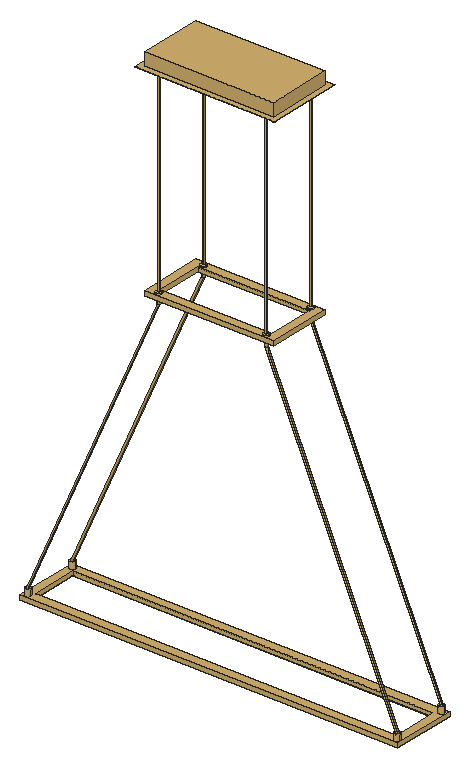
Revit family "3-6054-xx Xani pendant", category Luminarias, Revit 2021
Family settings
  Anfitrión = Techo
  Cota de conector redondo = Diámetro de uso
  Tipo de pieza = Normal
  Número OmniClass = 23.80.70.11
  Título OmniClass = Luminaries for Internal Lighting
  Siempre vertical = Sí
  Corte con vacíos al cargar = No
  Origen de luz = Sí
  Compartido = No
  Punto de cálculo de habitación = No
Parameters (values of type "3-6054-40 / Aged Brass - Matte White Acrylic")
  Comentarios de vataje = "26.64 W at 120 V"  # constant formula
  Wattage = 26.64 W
  built-in parameter 1150110 = 1 (stored number, unit not read)
  Voltage Input = "120 V or 277 V - 50/60 Hz"  # constant formula
  Voltage = 277 V
  URL = ""
  built-in parameter 1114217 = 1 (stored number, unit not read)
  Tilt Angle = 90.00°  # constant formula
  built-in parameter 1150109 = 1 (stored number, unit not read)
  built-in parameter 1150134 = (empty or 0)
  built-in parameter 1150113 = 1 (stored number, unit not read)
  References = "Ref. 3 = 120 V / Ref. 37 = 277 V"  # constant formula
  Archivo de red fotométrica = "3-6054-15 Xanni 35 Pendant.ies"
  Modelo = "3-6054-xxx Xani (Pendant)"  # constant formula
  Metal Finish = 40 - Aged Brass
  Fabricante = "Oxygen Lighting"  # constant formula
  Main Diffuser = Matte White Acrylic
  Lumens = 1539.79 lm
  built-in parameter 1150115 = 1 (stored number, unit not read)
  built-in parameter 1150105 = 122.53 (stored number, unit not read)
  built-in parameter 1150137 = (empty or 0)
  built-in parameter 1150139 = (empty or 0)
  built-in parameter 1150112 = 1 (stored number, unit not read)
  built-in parameter 1150114 = 1 (stored number, unit not read)
  Lámpara = "LED"  # constant formula
  built-in parameter 1150132 = (empty or 0)
  built-in parameter 1150102 = (empty or 0)
  built-in parameter 1150138 = (empty or 0)
  built-in parameter 1150107 = 3000 (stored number, unit not read)
  built-in parameter 1150106 = 1.2253 (stored number, unit not read)
  built-in parameter 1150104 = 5.3698 (stored number, unit not read)
  Dimming Lamp Color Temperature Shift = (empty or 0)
  Default Elevation = 0.00"
  Color Filter = 16777215
  built-in parameter 1114218 = 1 (stored number, unit not read)
  built-in parameter 1150133 = 10 (stored number, unit not read)
Types (3): name | Metal Finish
  (no name) | 40 - Aged Brass
  3-6054-15 / Black - Matte White Acrylic | 15 - Black
  3-6054-40 / Aged Brass - Matte White Acrylic | 40 - Aged Brass
Reference planes (in)
  plane 1 "Light Source Axis (F/B)": y = 0
  plane 2 "Ceiling": z = 96
  plane 3 "Light Source Axis (L/R)": x = 0
  plane 4 "Light Source Elevation": z = 46.53639
  plane 5: z = 46.53639
  plane 6: z = 56.42911
  plane 7: z = 76.21456
  plane 8: z = 86.10728
  plane 9: z = 66.32184
Forms (in)
  Extrusion 1, solid, material "40 - Aged Brass" <- "Metal Finish"
    sketch origin (0, 0, 0) x (1, 0, 0) y (0, 0, 1)
      loop
        line (-5.95456, 96) -> (-5.95456, 94.80909) -> (5.95456, 94.80909) -> (5.95456, 96) -> (-5.95456, 96)
    from -2.98098 to 2.98098
  Extrusion 2, solid, material "40 - Aged Brass" <- "Metal Finish"
    sketch origin (0, 0, 0) x (1, 0, 0) y (0, 0, 1)
      loop
        line (6.45016, 94.7721) -> (6.45016, 94.8091) -> (-6.45756, 94.8091) -> (-6.45756, 94.7721) -> (6.45016, 94.7721)
    from -3.47657 to 3.47658
  Revolve 3, solid, material "40 - Aged Brass" <- "Metal Finish"
    sketch origin (0, 2.57738, 0) x (1, 0, 0) y (0, 0, 1)
      loop
        line (-4.85241, 94.26911) -> (-4.85241, 94.5847)
        arc (-4.85241, 94.5847) -> (-4.77495, 94.68196) -> (-4.66371, 94.73751) r 0.28807
        line (-4.66371, 94.73751) -> (-4.66371, 94.7721) -> (-4.96707, 94.7721) -> (-4.96707, 76.21311) -> (-4.69338, 76.21311) -> (-4.69338, 76.24671)
        arc (-4.69338, 76.24671) -> (-4.7906, 76.29892) -> (-4.8968, 76.32889) r 0.50782
        line (-4.8968, 76.32889) -> (-4.8968, 94.26911) -> (-4.85241, 94.26911)
      axis (-4.96707, 76.21311) -> (-4.96707, 94.7721)
    angle from 0 to 360
  Revolve 4, solid, material "40 - Aged Brass" <- "Metal Finish"
    sketch origin (9.93413, 2.57784, 0) x (1, 0, 0) y (0, 0, 1)
      loop
        line (-4.85241, 94.26911) -> (-4.85241, 94.5847)
        arc (-4.85241, 94.5847) -> (-4.77495, 94.68196) -> (-4.66371, 94.73751) r 0.28807
        line (-4.66371, 94.73751) -> (-4.66371, 94.7721) -> (-4.96707, 94.7721) -> (-4.96707, 76.21311) -> (-4.69338, 76.21311) -> (-4.69338, 76.24671)
        arc (-4.69338, 76.24671) -> (-4.7906, 76.29892) -> (-4.8968, 76.32889) r 0.50782
        line (-4.8968, 76.32889) -> (-4.8968, 94.26911) -> (-4.85241, 94.26911)
      axis (-4.96707, 76.21311) -> (-4.96707, 94.7721)
    angle from 0 to 360
  Revolve 5, solid, material "40 - Aged Brass" <- "Metal Finish"
    sketch origin (9.93413, -2.57785, 0) x (1, 0, 0) y (0, 0, 1)
      loop
        line (-4.85241, 94.26911) -> (-4.85241, 94.5847)
        arc (-4.85241, 94.5847) -> (-4.77495, 94.68196) -> (-4.66371, 94.73751) r 0.28807
        line (-4.66371, 94.73751) -> (-4.66371, 94.7721) -> (-4.96707, 94.7721) -> (-4.96707, 76.21311) -> (-4.69338, 76.21311) -> (-4.69338, 76.24671)
        arc (-4.69338, 76.24671) -> (-4.7906, 76.29892) -> (-4.8968, 76.32889) r 0.50782
        line (-4.8968, 76.32889) -> (-4.8968, 94.26911) -> (-4.85241, 94.26911)
      axis (-4.96707, 76.21311) -> (-4.96707, 94.7721)
    angle from 0 to 360
  Revolve 6, solid, material "40 - Aged Brass" <- "Metal Finish"
    sketch origin (0, -2.57785, 0) x (1, 0, 0) y (0, 0, 1)
      loop
        line (-4.85241, 94.26911) -> (-4.85241, 94.5847)
        arc (-4.85241, 94.5847) -> (-4.77495, 94.68196) -> (-4.66371, 94.73751) r 0.28807
        line (-4.66371, 94.73751) -> (-4.66371, 94.7721) -> (-4.96707, 94.7721) -> (-4.96707, 76.21311) -> (-4.69338, 76.21311) -> (-4.69338, 76.24671)
        arc (-4.69338, 76.24671) -> (-4.7906, 76.29892) -> (-4.8968, 76.32889) r 0.50782
        line (-4.8968, 76.32889) -> (-4.8968, 94.26911) -> (-4.85241, 94.26911)
      axis (-4.96707, 76.21311) -> (-4.96707, 94.7721)
    angle from 0 to 360
  Sweep 7, solid, material "40 - Aged Brass" <- "Metal Finish"
    path origin (0, 0, 96) x (1, 0, 0) y (0, 1, 0)
      loop
        line (-5.95456, -2.98098) -> (5.95456, -2.98098) -> (5.95456, 2.98098) -> (-5.95456, 2.98098) -> (-5.95456, -2.98098)
    profile origin (0, -2.98098, 96) x (0, 1, 0) y (0, 0, 1)
      loop
        line (0.79887, -19.79429) -> (0, -19.79429) -> (0, -20.18633) -> (0.79887, -20.18633) -> (0.79887, -19.79429)
  Sweep 8, solid, material "40 - Aged Brass" <- "Metal Finish"
    path origin (0, 0, 96) x (1, 0, 0) y (0, 1, 0)
      loop
        line (-17.5, 2.98098) -> (-17.5, -2.98098) -> (17.5, -2.98098) -> (17.5, 2.98098) -> (-17.5, 2.98098)
    profile origin (0, 2.98098, 96) x (0, 1, 0) y (0, 0, 1)
      loop
        line (0, -49.0641) -> (-0.79888, -49.0641) -> (-0.79888, -49.46361) -> (0, -49.46361) -> (0, -49.0641)
  Sweep 9, solid, material "Matte White Acrylic" <- "Main Diffuser"
    path origin (0, 0, 0) x (1, 0, 0) y (0, 1, 0)
      loop
        line (-17.5, 2.98098) -> (-17.5, -2.98098) -> (17.5, -2.98098) -> (17.5, 2.98098) -> (-17.5, 2.98098)
    profile origin (0, 2.98098, 0) x (0, 1, 0) y (0, 0, 1)
      loop
        line (0, 46.53639) -> (-0.79888, 46.53639)
        arc (-0.79888, 46.53639) -> (-0.39944, 46.33674) -> (0, 46.53639) r 0.4994
  Revolve 10, solid, material "40 - Aged Brass" <- "Metal Finish"
    sketch origin (-4.97076, -37.02184, 0) x (0, 1, 0) y (0, 0, 1)
      loop
        line (39.60338, 75.31811) -> (39.60338, 75.8137) -> (39.29853, 75.8137) -> (39.29853, 75.77992)
        arc (39.29853, 75.77992) -> (39.41324, 75.72807) -> (39.48872, 75.62734) r 0.25285
        line (39.48872, 75.62734) -> (39.48872, 75.31811) -> (39.60338, 75.31811)
      axis (39.60338, 75.8137) -> (39.60338, 75.31811)
    angle from 0 to 360
  Revolve 11, solid, material "40 - Aged Brass" <- "Metal Finish"
    sketch origin (-4.97076, -42.18123, 0) x (0, 1, 0) y (0, 0, 1)
      loop
        line (39.60338, 75.31811) -> (39.60338, 75.8137) -> (39.29853, 75.8137) -> (39.29853, 75.77992)
        arc (39.29853, 75.77992) -> (39.41324, 75.72807) -> (39.48872, 75.62734) r 0.25285
        line (39.48872, 75.62734) -> (39.48872, 75.31811) -> (39.60338, 75.31811)
      axis (39.60338, 75.8137) -> (39.60338, 75.31811)
    angle from 0 to 360
  Revolve 12, solid, material "40 - Aged Brass" <- "Metal Finish"
    sketch origin (4.96707, -37.02184, 0) x (0, 1, 0) y (0, 0, 1)
      loop
        line (39.60338, 75.31811) -> (39.60338, 75.8137) -> (39.29853, 75.8137) -> (39.29853, 75.77992)
        arc (39.29853, 75.77992) -> (39.41324, 75.72807) -> (39.48872, 75.62734) r 0.25285
        line (39.48872, 75.62734) -> (39.48872, 75.31811) -> (39.60338, 75.31811)
      axis (39.60338, 75.8137) -> (39.60338, 75.31811)
    angle from 0 to 360
  Revolve 13, solid, material "40 - Aged Brass" <- "Metal Finish"
    sketch origin (4.96707, -42.18123, 0) x (0, 1, 0) y (0, 0, 1)
      loop
        line (39.60338, 75.31811) -> (39.60338, 75.8137) -> (39.29853, 75.8137) -> (39.29853, 75.77992)
        arc (39.29853, 75.77992) -> (39.41324, 75.72807) -> (39.48872, 75.62734) r 0.25285
        line (39.48872, 75.62734) -> (39.48872, 75.31811) -> (39.60338, 75.31811)
      axis (39.60338, 75.8137) -> (39.60338, 75.31811)
    angle from 0 to 360
  Blend 14, solid, material "40 - Aged Brass" <- "Metal Finish"
    base sketch origin (0, -5.16309, 0) x (1, 0, 0) y (0, 1, 0)
      loop
        circle (-17.08133, 2.58758) r 0.1
    top sketch origin (0, -5.16309, 0) x (1, 0, 0) y (0, 1, 0)
      loop
        circle (-4.96981, 2.57977) r 0.1
    from 47.49067 to 75.31807
  Revolve 15, solid, material "40 - Aged Brass" <- "Metal Finish"
    sketch origin (40.3953, 2.58154, 0) x (1, 0, 0) y (0, 0, 1)
      loop
        line (-23.06375, 47.49067) -> (-23.32265, 47.49067) -> (-23.32265, 46.9359) -> (-23.06375, 46.9359) -> (-23.06375, 47.49067)
      axis (-23.32265, 47.49067) -> (-23.32265, 46.9359)
    angle from 0 to 360
  Revolve 16, solid, material "40 - Aged Brass" <- "Metal Finish"
    sketch origin (40.3953, -2.58155, 0) x (1, 0, 0) y (0, 0, 1)
      loop
        line (-23.06375, 47.49067) -> (-23.32265, 47.49067) -> (-23.32265, 46.9359) -> (-23.06375, 46.9359) -> (-23.06375, 47.49067)
      axis (-23.32265, 47.49067) -> (-23.32265, 46.9359)
    angle from 0 to 360
  Revolve 17, solid, material "40 - Aged Brass" <- "Metal Finish"
    sketch origin (6.25, 2.58154, 0) x (1, 0, 0) y (0, 0, 1)
      loop
        line (-23.06375, 47.49067) -> (-23.32265, 47.49067) -> (-23.32265, 46.9359) -> (-23.06375, 46.9359) -> (-23.06375, 47.49067)
      axis (-23.32265, 47.49067) -> (-23.32265, 46.9359)
    angle from 0 to 360
  Revolve 18, solid, material "40 - Aged Brass" <- "Metal Finish"
    sketch origin (6.25, -2.58155, 0) x (1, 0, 0) y (0, 0, 1)
      loop
        line (-23.06375, 47.49067) -> (-23.32265, 47.49067) -> (-23.32265, 46.9359) -> (-23.06375, 46.9359) -> (-23.06375, 47.49067)
      axis (-23.32265, 47.49067) -> (-23.32265, 46.9359)
    angle from 0 to 360
  Blend 19, solid, material "40 - Aged Brass" <- "Metal Finish"
    base sketch origin (0, 5.16309, 0) x (1, 0, 0) y (0, 1, 0)
      loop
        circle (-17.08133, -2.58758) r 0.1
    top sketch origin (0, 5.16309, 0) x (1, 0, 0) y (0, 1, 0)
      loop
        circle (-4.96981, -2.57977) r 0.1
    from 47.49067 to 75.31807
  Blend 20, solid, material "40 - Aged Brass" <- "Metal Finish"
    base sketch origin (0, -5.16309, 0) x (-1, 0, 0) y (0, -1, 0)
      loop
        circle (-17.08133, -2.58758) r 0.1
    top sketch origin (0, -5.16309, 0) x (-1, 0, 0) y (0, -1, 0)
      loop
        circle (-4.96981, -2.57977) r 0.1
    from 47.49067 to 75.31807
  Blend 21, solid, material "40 - Aged Brass" <- "Metal Finish"
    base sketch origin (0, 5.16309, 0) x (-1, 0, 0) y (0, -1, 0)
      loop
        circle (-17.08133, 2.58758) r 0.1
    top sketch origin (0, 5.16309, 0) x (-1, 0, 0) y (0, -1, 0)
      loop
        circle (-4.96981, 2.57977) r 0.1
    from 47.49067 to 75.31807
Lines and regions (in)
  symbolic lines
    curve 1: line (-17.5, 13.77739, 0) -> (17.5, 13.77739, 0)
Dimensions and locks (in)
  equal spacing: host sketch curve, plane 3 "Light Source Axis (L/R)", host sketch curve
  equal spacing: host sketch curve, plane 1 "Light Source Axis (F/B)", host sketch curve
  host sketch curve to host sketch curve = 120.00"  (x2)
  plane 5 to plane 2 "Ceiling" = 49.46361"
  plane 4 "Light Source Elevation" to plane 5 = 0.00"
  equal spacing: plane 2 "Ceiling", plane 8, plane 7, plane 9, plane 6, plane 4 "Light Source Elevation"
  aligned and locked: plane 4 "Light Source Elevation" to imposter light
  aligned and locked: plane 4 "Light Source Elevation" to plane 5
  aligned and locked: imposter light to plane 3 "Light Source Axis (L/R)"
  aligned and locked: imposter light to plane 1 "Light Source Axis (F/B)"
Automatic sketch dimensions
  Extrusion 1 sketch curve to plane 2 "Ceiling" = 0.00"
  Extrusion 1 sketch curve to plane 2 "Ceiling" = 1.19091"
  Extrusion 1 sketch curve to plane 3 "Light Source Axis (L/R)" = 5.95456"
  plane 3 "Light Source Axis (L/R)" to Extrusion 1 sketch curve = 5.95456"
  Extrusion 2 sketch curve to plane 2 "Ceiling" = 1.2279"
  Extrusion 2 sketch curve to plane 3 "Light Source Axis (L/R)" = 6.45756"
  Extrusion 2 sketch curve to plane 2 "Ceiling" = 1.1909"
  plane 3 "Light Source Axis (L/R)" to Extrusion 2 sketch curve = 6.45016"
  Revolve 3 sketch curve to plane 7 = 0.38648"
  Revolve 3 sketch curve to plane 3 "Light Source Axis (L/R)" = 4.98083"
  Revolve 3 sketch curve to plane 7 = 0.00145"
  Revolve 3 sketch curve to Revolve 3 sketch curve = 0.01376"
  Revolve 3 sketch curve to Revolve 3 sketch curve = 0.07027"
  Revolve 3 sketch curve to Revolve 3 sketch curve = 0.11465"
  Revolve 3 sketch curve to Revolve 3 sketch curve = 0.20341"
  Revolve 3 sketch curve to Revolve 3 sketch curve = 0.18871"
  Revolve 3 sketch curve to Revolve 3 sketch curve = 0.25876"
  plane 7 to Revolve 3 sketch curve = 0.03215"
  Revolve 3 sketch curve to plane 2 "Ceiling" = 1.73089"
  Revolve 3 sketch curve to Revolve 3 sketch curve = 0.18898"
  Revolve 3 sketch curve to Revolve 3 sketch curve = 0.12661"
  Revolve 3 sketch curve to Revolve 3 sketch curve = 0.1874"
  Revolve 3 sketch curve to Revolve 3 sketch curve = 0.00"  (x2)
  Revolve 3 sketch curve to Revolve 3 sketch curve = 0.53838"
  Revolve 4 sketch curve to plane 7 = 0.38648"
  plane 3 "Light Source Axis (L/R)" to Revolve 4 sketch curve = 4.9533"
  Revolve 4 sketch curve to plane 7 = 0.00145"
  Revolve 4 sketch curve to Revolve 4 sketch curve = 0.01376"
  Revolve 4 sketch curve to Revolve 4 sketch curve = 0.07027"
  Revolve 4 sketch curve to Revolve 4 sketch curve = 0.11465"
  Revolve 4 sketch curve to Revolve 4 sketch curve = 0.20341"
  Revolve 4 sketch curve to Revolve 4 sketch curve = 0.18871"
  Revolve 4 sketch curve to Revolve 4 sketch curve = 0.25876"
  plane 7 to Revolve 4 sketch curve = 0.03215"
  Revolve 4 sketch curve to plane 2 "Ceiling" = 1.73089"
  Revolve 4 sketch curve to Revolve 4 sketch curve = 0.18898"
  Revolve 4 sketch curve to Revolve 4 sketch curve = 0.12661"
  Revolve 4 sketch curve to Revolve 4 sketch curve = 0.1874"
  Revolve 4 sketch curve to Revolve 4 sketch curve = 0.00"  (x2)
  Revolve 4 sketch curve to Revolve 4 sketch curve = 0.53838"
  Revolve 5 sketch curve to plane 7 = 0.38648"
  plane 3 "Light Source Axis (L/R)" to Revolve 5 sketch curve = 4.9533"
  Revolve 5 sketch curve to plane 7 = 0.00145"
  Revolve 5 sketch curve to Revolve 5 sketch curve = 0.01376"
  Revolve 5 sketch curve to Revolve 5 sketch curve = 0.07027"
  Revolve 5 sketch curve to Revolve 5 sketch curve = 0.11465"
  Revolve 5 sketch curve to Revolve 5 sketch curve = 0.20341"
  Revolve 5 sketch curve to Revolve 5 sketch curve = 0.18871"
  Revolve 5 sketch curve to Revolve 5 sketch curve = 0.25876"
  plane 7 to Revolve 5 sketch curve = 0.03215"
  Revolve 5 sketch curve to plane 2 "Ceiling" = 1.73089"
  Revolve 5 sketch curve to Revolve 5 sketch curve = 0.18898"
  Revolve 5 sketch curve to Revolve 5 sketch curve = 0.12661"
  Revolve 5 sketch curve to Revolve 5 sketch curve = 0.1874"
  Revolve 5 sketch curve to Revolve 5 sketch curve = 0.00"  (x2)
  Revolve 5 sketch curve to Revolve 5 sketch curve = 0.53838"
  Revolve 6 sketch curve to plane 7 = 0.38648"
  Revolve 6 sketch curve to plane 3 "Light Source Axis (L/R)" = 4.98083"
  Revolve 6 sketch curve to plane 7 = 0.00145"
  Revolve 6 sketch curve to Revolve 6 sketch curve = 0.01376"
  Revolve 6 sketch curve to Revolve 6 sketch curve = 0.07027"
  Revolve 6 sketch curve to Revolve 6 sketch curve = 0.11465"
  Revolve 6 sketch curve to Revolve 6 sketch curve = 0.20341"
  Revolve 6 sketch curve to Revolve 6 sketch curve = 0.18871"
  Revolve 6 sketch curve to Revolve 6 sketch curve = 0.25876"
  plane 7 to Revolve 6 sketch curve = 0.03215"
  Revolve 6 sketch curve to plane 2 "Ceiling" = 1.73089"
  Revolve 6 sketch curve to Revolve 6 sketch curve = 0.18898"
  Revolve 6 sketch curve to Revolve 6 sketch curve = 0.12661"
  Revolve 6 sketch curve to Revolve 6 sketch curve = 0.1874"
  Revolve 6 sketch curve to Revolve 6 sketch curve = 0.00"  (x2)
  Revolve 6 sketch curve to Revolve 6 sketch curve = 0.53838"
  Sweep 7 sketch curve to plane 3 "Light Source Axis (L/R)" = 5.95456"
  plane 3 "Light Source Axis (L/R)" to Sweep 7 sketch curve = 5.95456"
  plane 1 "Light Source Axis (F/B)" to Sweep 7 sketch curve = 2.98098"
  Sweep 7 sketch curve to plane 1 "Light Source Axis (F/B)" = 2.98098"
  Sweep 7 sketch curve to profile plane = 0.00"
  Sweep 7 sketch curve to Sweep 7 sketch curve = 0.79887"
  Sweep 7 sketch curve to plane 2 "Ceiling" = 20.18633"
  Sweep 7 sketch curve to Sweep 7 sketch curve = 0.39204"
  plane 1 "Light Source Axis (F/B)" to Sweep 8 sketch curve = 2.98098"
  Sweep 8 sketch curve to plane 3 "Light Source Axis (L/R)" = 17.50"
  plane 3 "Light Source Axis (L/R)" to Sweep 8 sketch curve = 17.50"
  Sweep 8 sketch curve to plane 1 "Light Source Axis (F/B)" = 2.98098"
  profile plane to Sweep 8 sketch curve = 0.79888"
  Sweep 8 sketch curve to profile plane = 0.00"
  Sweep 8 sketch curve to plane 2 "Ceiling" = 49.46361"
  Sweep 8 sketch curve to Sweep 8 sketch curve = 0.3995"
  plane 1 "Light Source Axis (F/B)" to Sweep 9 sketch curve = 2.98098"
  Sweep 9 sketch curve to plane 3 "Light Source Axis (L/R)" = 17.50"
  plane 3 "Light Source Axis (L/R)" to Sweep 9 sketch curve = 17.50"
  Sweep 9 sketch curve to plane 1 "Light Source Axis (F/B)" = 2.98098"
  Sweep 9 sketch curve to profile plane = 0.00"
  profile plane to Sweep 9 sketch curve = 0.39944"
  level to Sweep 9 sketch curve = 46.53639"
  Sweep 9 sketch curve to Sweep 9 sketch curve = 0.29975"
  Revolve 10 sketch curve to plane 7 = 0.68372"
  Revolve 10 sketch curve to plane 1 "Light Source Axis (F/B)" = 2.23317"
  Revolve 10 sketch curve to Revolve 10 sketch curve = 0.04353"
  Revolve 10 sketch curve to Revolve 10 sketch curve = 0.23372"
  Revolve 10 sketch curve to Revolve 10 sketch curve = 0.11466"
  Revolve 10 sketch curve to Revolve 10 sketch curve = 0.21273"
  Revolve 10 sketch curve to Revolve 10 sketch curve = 0.0965"
  Revolve 10 sketch curve to Revolve 10 sketch curve = 0.03378"
  Revolve 10 sketch curve to Revolve 10 sketch curve = 0.00"  (x2)
  Revolve 10 sketch curve to Revolve 10 sketch curve = 0.59156"
  Revolve 11 sketch curve to plane 7 = 0.68372"
  plane 1 "Light Source Axis (F/B)" to Revolve 11 sketch curve = 2.92622"
  Revolve 11 sketch curve to Revolve 11 sketch curve = 0.04353"
  Revolve 11 sketch curve to Revolve 11 sketch curve = 0.23372"
  Revolve 11 sketch curve to Revolve 11 sketch curve = 0.11466"
  Revolve 11 sketch curve to Revolve 11 sketch curve = 0.21273"
  Revolve 11 sketch curve to Revolve 11 sketch curve = 0.0965"
  Revolve 11 sketch curve to Revolve 11 sketch curve = 0.03378"
  Revolve 11 sketch curve to Revolve 11 sketch curve = 0.00"  (x2)
  Revolve 11 sketch curve to Revolve 11 sketch curve = 0.59156"
  Revolve 12 sketch curve to plane 7 = 0.68372"
  Revolve 12 sketch curve to plane 1 "Light Source Axis (F/B)" = 2.23317"
  Revolve 12 sketch curve to Revolve 12 sketch curve = 0.04353"
  Revolve 12 sketch curve to Revolve 12 sketch curve = 0.23372"
  Revolve 12 sketch curve to Revolve 12 sketch curve = 0.11466"
  Revolve 12 sketch curve to Revolve 12 sketch curve = 0.21273"
  Revolve 12 sketch curve to Revolve 12 sketch curve = 0.0965"
  Revolve 12 sketch curve to Revolve 12 sketch curve = 0.03378"
  Revolve 12 sketch curve to Revolve 12 sketch curve = 0.00"  (x2)
  Revolve 12 sketch curve to Revolve 12 sketch curve = 0.59156"
  Revolve 13 sketch curve to plane 7 = 0.68372"
  plane 1 "Light Source Axis (F/B)" to Revolve 13 sketch curve = 2.92622"
  Revolve 13 sketch curve to Revolve 13 sketch curve = 0.04353"
  Revolve 13 sketch curve to Revolve 13 sketch curve = 0.23372"
  Revolve 13 sketch curve to Revolve 13 sketch curve = 0.11466"
  Revolve 13 sketch curve to Revolve 13 sketch curve = 0.21273"
  Revolve 13 sketch curve to Revolve 13 sketch curve = 0.0965"
  Revolve 13 sketch curve to Revolve 13 sketch curve = 0.03378"
  Revolve 13 sketch curve to Revolve 13 sketch curve = 0.00"  (x2)
  Revolve 13 sketch curve to Revolve 13 sketch curve = 0.59156"
  plane 1 "Light Source Axis (F/B)" to Blend 14 sketch curve = 2.5755"
  Blend 14 sketch curve to plane 3 "Light Source Axis (L/R)" = 17.08133"
  Blend 14 sketch curve to plane 3 "Light Source Axis (L/R)" = 4.96981"
  plane 1 "Light Source Axis (F/B)" to Blend 14 sketch curve = 2.58331"
  Revolve 15 sketch curve to plane 4 "Light Source Elevation" = 0.95428"
  plane 3 "Light Source Axis (L/R)" to Revolve 15 sketch curve = 17.07265"
  Revolve 15 sketch curve to Revolve 15 sketch curve = 0.25889"
  Revolve 15 sketch curve to plane 4 "Light Source Elevation" = 0.3995"
  Revolve 15 sketch curve to Revolve 15 sketch curve = 0.00"  (x2)
  Revolve 15 sketch curve to plane 4 "Light Source Elevation" = 0.14271"
  Revolve 16 sketch curve to plane 4 "Light Source Elevation" = 0.95428"
  plane 3 "Light Source Axis (L/R)" to Revolve 16 sketch curve = 17.07265"
  Revolve 16 sketch curve to Revolve 16 sketch curve = 0.25889"
  Revolve 16 sketch curve to plane 4 "Light Source Elevation" = 0.3995"
  Revolve 16 sketch curve to Revolve 16 sketch curve = 0.00"  (x2)
  Revolve 16 sketch curve to plane 4 "Light Source Elevation" = 0.14271"
  Revolve 17 sketch curve to plane 4 "Light Source Elevation" = 0.95428"
  Revolve 17 sketch curve to plane 3 "Light Source Axis (L/R)" = 17.07265"
  Revolve 17 sketch curve to Revolve 17 sketch curve = 0.25889"
  Revolve 17 sketch curve to plane 4 "Light Source Elevation" = 0.3995"
  Revolve 17 sketch curve to Revolve 17 sketch curve = 0.00"  (x2)
  Revolve 17 sketch curve to plane 4 "Light Source Elevation" = 0.14271"
  Revolve 18 sketch curve to plane 4 "Light Source Elevation" = 0.95428"
  Revolve 18 sketch curve to plane 3 "Light Source Axis (L/R)" = 17.07265"
  Revolve 18 sketch curve to Revolve 18 sketch curve = 0.25889"
  Revolve 18 sketch curve to plane 4 "Light Source Elevation" = 0.3995"
  Revolve 18 sketch curve to Revolve 18 sketch curve = 0.00"  (x2)
  Revolve 18 sketch curve to plane 4 "Light Source Elevation" = 0.14271"
  curve 1 to plane 3 "Light Source Axis (L/R)" = 17.50"
  curve 1 to plane 1 "Light Source Axis (F/B)" = 13.77739"
  plane 3 "Light Source Axis (L/R)" to curve 1 = 17.50"
  Blend 19 sketch curve to plane 1 "Light Source Axis (F/B)" = 2.5755"
  Blend 19 sketch curve to plane 3 "Light Source Axis (L/R)" = 17.08133"
  Blend 19 sketch curve to plane 3 "Light Source Axis (L/R)" = 4.96981"
  Blend 19 sketch curve to plane 1 "Light Source Axis (F/B)" = 2.58331"
  plane 1 "Light Source Axis (F/B)" to Blend 20 sketch curve = 2.5755"
  plane 3 "Light Source Axis (L/R)" to Blend 20 sketch curve = 17.08133"
  plane 3 "Light Source Axis (L/R)" to Blend 20 sketch curve = 4.96981"
  plane 1 "Light Source Axis (F/B)" to Blend 20 sketch curve = 2.58331"
  Blend 21 sketch curve to plane 1 "Light Source Axis (F/B)" = 2.5755"
  plane 3 "Light Source Axis (L/R)" to Blend 21 sketch curve = 17.08133"
  plane 3 "Light Source Axis (L/R)" to Blend 21 sketch curve = 4.96981"
  Blend 21 sketch curve to plane 1 "Light Source Axis (F/B)" = 2.58331"
  radius of Blend 14 sketch curve = 0.10"  (x2)
  radius of Blend 19 sketch curve = 0.10"  (x2)
  radius of Blend 20 sketch curve = 0.10"  (x2)
  radius of Blend 21 sketch curve = 0.10"  (x2)
Connectors (in)
  electrical at (0, 0, 96), driven by "Voltage"
    settings: on host ceiling, index 1, voltage 277 V, apparent load 0 VA, apparent load phase1 0 VA, apparent load phase2 0 VA, apparent load phase3 0 VA, power factor 1, load classification "Other", number of poles 1, system type 31, power factor state 1, is connector primary yes, connector utility no, sub classification motor no, connector description ""
